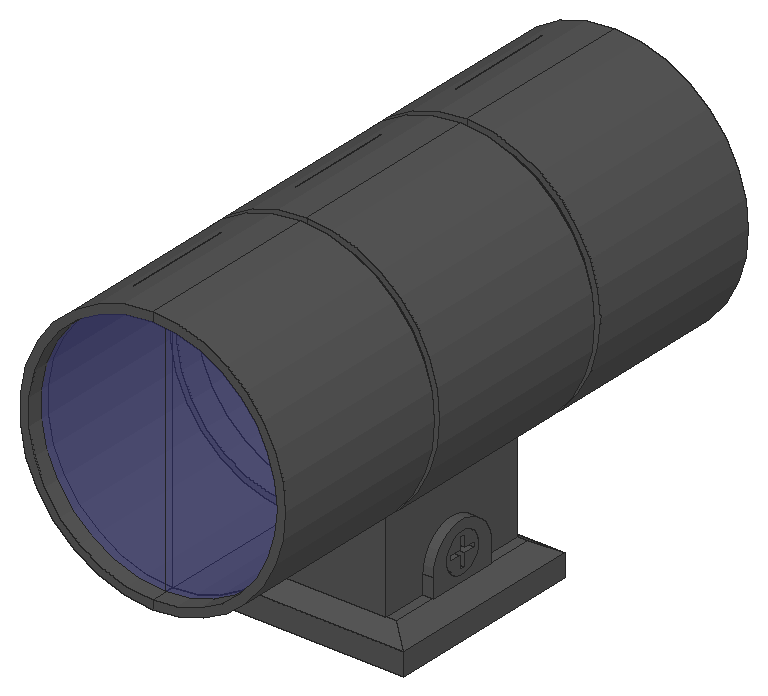
Revit family "CARLO CYLINDER LIGHT WALL MOUNT", category Lighting Fixtures, host Face, Revit 2020 (continued)
Types (10): name | Wattage_Input | Wattage Comments | Wattage | Photometric Web File | built-in parameter 1150142 | Model | built-in parameter 1150105 | Lumens | Light Length 1 | LIGHT RADIUS | LIGHT PLACEMENT | LIGHT LENGTH | LIGHT DIA | built-in parameter 1150106 | FIXED END HEIGHT | Curve base Height | Base Curve | BEAMING ANGLE | Apparent Load
     498.5 495.8 492.8 489.59 486.1 482.43 478.71 \r\n 474.77 471.35 465.82 455.87 441.32 420.52 395.54 367.45 337.66 308.14 \r\n 278.23 247.7 217.22 187.37 158.25 129.08 103.08 84.158 69.512 57.296 \r\n 48.53 44.594 42.564 39.647 36.82 34.187 31.574 28.747 25.984 23.435 \r\n 21.252 19.776 18.587 17.331 16.15 15.084 14.092 13.147 12.244 11.364 \r\n 10.516 9.6998 8.9154 8.1532 7.4374 6.7972 6.2086 5.6519 5.1426 4.6898 \r\n 4.2922 3.9597 3.6675 3.3897 3.1393 2.9219 2.7327 2.572 2.4296 2.2933 \r\n 2.1696 2.0645 1.9679 1.8691 1.7765 1.6969 1.624 1.5535 1.4861 1.4214 \r\n 1.3586 1.2963 1.2364 1.1812 1.1284 1.0771 1.0256 0.97006 0.91626 0.87048 \r\n 0.82722 0.78306 0.73794 0.6888 0.64122 0.60109 0.56442 0.52882 0.4954 0.46485 \r\n 0.43607 0.40852 0.38118 0.35434 0.32702 0.29712 0.26816 0.24427 0.22145 0.19551 \r\n 0.17115 0.15478 0.13708 0.10892 0.076151 0.037228 0.0052719 0 0.000085 0 \r\n 0 0 0 0.0052154 0.01978 0.053807 0.094572 0.13162 0.16826 0.20405 \r\n 0.23983 0.27676 0.31345 0.3485 0.3831 0.41853 0.45312 0.48465 0.51603 0.55218 \r\n 0.58945 0.62443 0.66124 0.70481 0.7493 0.78866 0.82848 0.87276 0.92022 0.97194 \r\n 1.0249 1.0754 1.1262 1.1794 1.2336 1.2883 1.3441 1.4014 1.4596 1.5183 \r\n 1.5771 1.6341 1.6934 1.7604 1.8305 1.8994 1.9724 2.0546 2.1426 2.2334 \r\n 2.3304 2.4345 2.5496 2.6806 2.8252 2.9809 3.1536 3.346 3.5656 3.8196 \r\n 4.112 4.4501 4.8316 5.2502 5.7256 6.28 6.9008 7.5837 8.3264 9.1328 \r\n 9.9798 10.842 11.731 12.652 13.608 14.614 15.648 16.691 17.743 18.77 \r\n 19.846 21.081 22.33 23.33 24.543 26.345 28.728 32.05 35.591 37.94 \r\n 41.535 47.644 58.363 77.853 101.19 123.9 148.77 177.84 208.82 240.11 \r\n 271.65 303.15 333.71 362.48 389.14 413.59 434.23 448.84 459.12 465.43 \r\n 469.58 473.68 477.27 480.62 483.63 486.12 488.49 491.11 493.83 496.63 \r\n 499.53 502.57 505.65 508.71 511.73 514.61 517.6 521 524.51 527.83 \r\n 531.21 534.73 538.54 542.77 547.59 553.14 559.65 567.32 576.47 587.4 \r\n 600.38 615.69 633.68 654.41 679.04 708.56 743.55 783 832.71 901.23 \r\n 979.42 1060.4 1146 1231.6 1329.2 1450.5 1591.3 1752.7 1930.4 2122.5 \r\n 2323.2 2525.4 2731.1 2940 3151.9 3367.9 3583.6 3796.7 4002.4 4195.6 \r\n 4376 4541.1 4692.5 4831.2 4956.6 5069.3 5167.2 5246.7 5313 5370.9 \r\n 5509.6 \r\n5444.5 5451.5 5428.5 5395.9 5353.8 5303.5 5241.7 5165.5 5074.5 4965.5 \r\n 4844 4715.8 4577.9 4429.2 4270.6 4102.5 3924.5 3734.6 3538.2 3339.9 \r\n 3139.9 2940 2740 2539.1 2341.8 2152.1 1970.9 1799.9 1640.3 1493.9 \r\n 1361.2 1242.9 1140.2 1057.9 985.18 909.06 840.66 789.23 747.31 710.25 \r\n 678.77 652.18 629.99 611.78 596.69 583.76 572.86 563.59 555.74 549.03 \r\n 543.32 538.53 534.27 530.05 526.17 522.87 519.79 516.59 513.38 510.15 \r\n 506.95 503.83 500.87 498.34 495.81 492.87 489.73 486.46 483.03 479.46 \r\n 475.69 472.37 467.42 459.4 446.93 427.23 403 375.6 346.28 316.99 \r\n 287.08 256.24 225.45 195.75 166.65 136.71 109.94 91.382 76.616 61.739 \r\n 50.242 45.833 43.959 40.852 37.866 35.179 32.553 29.75 26.955 24.158 \r\n 21.709 20.126 18.893 17.627 16.447 15.343 14.315 13.367 12.469 11.589 \r\n 10.734 9.8981 9.0959 8.339 7.627 6.9634 6.3486 5.7839 5.2697 4.8056 \r\n 4.3943 4.0456 3.7378 3.4486 3.1894 2.9664 2.7732 2.6082 2.4627 2.326 \r\n 2.2023 2.095 1.9958 1.8952 1.801 1.7197 1.6457 1.5755 1.509 1.4453 \r\n 1.3834 1.3206 1.2603 1.2063 1.1543 1.101 1.0476 0.99294 0.94033 0.89407 \r\n 0.84993 0.80487 0.75962 0.71285 0.66776 0.62809 0.59088 0.55388 0.51863 0.48624 \r\n 0.45576 0.42715 0.39887 0.37233 0.34567 0.3166 0.28787 0.2622 0.23736 0.21061 \r\n 0.18612 0.17024 0.15367 0.12867 0.096887 0.050584 0.010128 0 0.00012592 0 \r\n 0 0 0 0.012195 0.032639 0.062772 0.098637 0.13731 0.17714 0.21473 \r\n 0.25239 0.29224 0.33141 0.36676 0.40109 0.43687 0.47194 0.50395 0.53589 0.57211 \r\n 0.60892 0.64263 0.67756 0.71831 0.76039 0.79938 0.83971 0.88499 0.9333 0.98473 \r\n 1.0368 1.0857 1.1352 1.1884 1.2433 1.2984 1.3547 1.413 1.4722 1.5314 \r\n 1.5906 1.6479 1.708 1.7772 1.8495 1.9186 1.9922 2.0779 2.1699 2.2631 \r\n 2.3624 2.4693 2.5881 2.7238 2.8747 3.0393 3.2208 3.4193 3.6434 3.8977 \r\n 4.1936 4.5464 4.9475 5.387 5.8829 6.4532 7.0888 7.7887 8.5473 9.3652 \r\n 10.222 11.093 11.994 12.933 13.908 14.926 15.966 17.008 18.059 19.104 \r\n 20.192 21.407 22.629 23.611 24.83 26.676 29.162 32.682 36.481 38.881 \r\n 43.042 51.374 64.453 84.766 108.99 134.32 161.69 191.51 222.56 253.78 \r\n 285.06 316.35 346.48 374.35 399.69 422.38 440.88 452.7 460.58 466.14 \r\n 470.18 474.2 477.76 480.89 483.72 486.34 488.91 491.58 494.39 497.44 \r\n 500.61 503.84 507.06 510.19 513.23 516.08 519.02 522.42 525.97 529.45 \r\n 532.99 536.53 540.39 544.88 549.98 555.69 562.36 570.21 579.67 591.17 \r\n 604.85 620.83 639.54 661.04 686.54 717.06 753.3 795.13 846.14 911.33 \r\n 986.38 1068.5 1158.1 1252.3 1358.4 1482.5 1624.9 1789.2 1970.3 2167.1 \r\n 2372 2576 2781.9 2989.5 3199.4 3414.4 3628.8 3838.9 4041.6 4233.4 \r\n 4412.5 4574.9 4723.2 4859.2 4981.9 5091.9 5186.8 5262.4 5324.8 5379.3 \r\n 5509.6 \r\n5444.5 5450.1 5430.2 5400.3 5361.2 5315.1 5257.8 5185.6 5098.9 4995 \r\n 4878.7 4754.1 4619.5 4474.5 4319.7 4155.9 3981.8 3794.6 3599.9 3402.3 \r\n 3202.4 3002.6 2803 2603.4 2406.8 2215.1 2030.6 1855.5 1691.4 1541 \r\n 1404.3 1281.9 1175.5 1091.3 1016.2 934.22 859.83 805.26 761.16 721.96 \r\n 688.64 660.49 636.95 617.49 601.33 587.57 576 566.19 557.89 550.74 \r\n 544.64 539.47 534.87 530.33 526.14 522.52 519.19 515.94 512.76 509.55 \r\n 506.41 503.39 500.56 498.18 495.79 492.9 489.83 486.77 483.57 480.15 \r\n 476.54 473.21 468.68 462.47 452.06 433.75 410.65 384.2 355.58 326.61 \r\n 296.76 265.66 234.62 205.16 176.23 145.7 118.24 99.658 84.361 66.829 \r\n 52.63 47.442 45.412 42.068 38.949 36.182 33.529 30.768 27.976 24.983 \r\n 22.305 20.589 19.272 17.977 16.784 15.64 14.575 13.62 12.722 11.837 \r\n 10.974 10.12 9.3017 8.5483 7.8379 7.151 6.51 5.9352 5.4136 4.9379 \r\n 4.5122 4.144 3.8173 3.5164 3.2489 3.0196 2.8214 2.6511 2.5015 2.3634 \r\n 2.2387 2.1283 2.0258 1.9232 1.8273 1.7441 1.6687 1.5984 1.5324 1.4694 \r\n 1.4079 1.3448 1.2841 1.231 1.1795 1.1244 1.0691 1.0154 0.96393 0.91721 \r\n 0.87219 0.82612 0.78067 0.73636 0.69392 0.65491 0.61736 0.5792 0.54228 0.50798 \r\n 0.47568 0.44594 0.41665 0.39029 0.36423 0.33606 0.30766 0.28022 0.25337 0.22601 \r\n 0.20145 0.18554 0.16945 0.14697 0.11608 0.064157 0.016821 0.0022962 0.00015856 0 \r\n 0 0 0.000000 0.020224 0.047519 0.073493 0.10409 0.14496 0.18858 0.22783 \r\n 0.26713 0.31019 0.35206 0.38738 0.42105 0.45717 0.4927 0.52488 0.55705 0.59317 \r\n 0.62943 0.66186 0.69498 0.7331 0.773 0.81181 0.85278 0.89907 0.94807 0.99873 \r\n 1.0495 1.0973 1.1459 1.1991 1.2542 1.3095 1.3662 1.4254 1.4855 1.5453 \r\n 1.6051 1.663 1.7242 1.7956 1.8701 1.9396 2.0138 2.1028 2.1986 2.2944 \r\n 2.3962 2.5062 2.6288 2.7695 2.9266 3.0998 3.2903 3.4963 3.7264 3.9824 \r\n 4.2824 4.6496 5.0697 5.5308 6.0483 6.6355 7.287 8.0044 8.7791 9.6091 \r\n 10.477 11.358 12.271 13.23 14.223 15.252 16.299 17.34 18.393 19.464 \r\n 20.571 21.761 22.957 23.937 25.185 27.096 29.702 33.376 37.488 40.366 \r\n 45.509 56.087 71.428 92.507 117.55 145.42 175.21 205.71 236.75 267.86 \r\n 298.82 329.76 359.28 386.12 410.02 430.72 446.93 456.09 461.75 466.69 \r\n 470.71 474.66 478.19 481.12 483.8 486.55 489.3 492.05 494.94 498.23 \r\n 501.64 505.04 508.37 511.56 514.63 517.46 520.38 523.75 527.32 530.93 \r\n 534.62 538.22 542.17 546.92 552.33 558.24 565.12 573.23 583.06 595.18 \r\n 609.59 626.31 645.83 668.23 694.78 726.39 764.13 809.09 862.17 924.45 \r\n 996.46 1079.2 1172.4 1275.1 1389.9 1517.3 1661.5 1828.9 2013.6 2214.7 \r\n 2423.3 2629.1 2835.6 3042 3250.2 3464.2 3677.1 3884.2 4083.8 4273.8 \r\n 4451.1 4610.7 4756 4888.9 5008.6 5115.6 5207.2 5278.6 5336.8 5387.8 \r\n 5509.6 \r\n5444.5 5449.8 5433.9 5407.6 5372.2 5330.2 5277.3 5209.9 5128.5 5031.2 \r\n 4921.1 4800.8 4669.9 4528.5 4377.3 4217.9 4048.4 3865.6 3674.6 3478.6 \r\n 3279.4 3079.6 2880 2681.5 2485.4 2292.4 2105 1925 1755.4 1599.9 \r\n 1458.3 1330.6 1218.8 1129.5 1049.4 962.49 883.58 825.35 778.25 736.73 \r\n 701.47 671.41 646.15 625.18 607.7 592.83 580.32 569.76 560.84 553.11 \r\n 546.5 540.89 535.91 531.1 526.68 522.8 519.26 515.95 512.77 509.55 \r\n 506.42 503.45 500.69 498.32 495.93 493.07 490.06 487.13 484.09 480.85 \r\n 477.42 474.07 469.89 465.07 456.56 440.49 419.52 394.59 367.03 338.56 \r\n 308.87 277.74 246.56 217.08 188.02 157.16 129.04 109.25 92.331 72.625 \r\n 56.279 49.51 46.452 43.014 40.101 37.231 34.478 31.781 29.063 26.04 \r\n 23.266 21.353 19.836 18.448 17.204 16.023 14.934 13.953 13.036 12.138 \r\n 11.266 10.402 9.5746 8.8114 8.0893 7.3862 6.7269 6.1326 5.5919 5.1009 \r\n 4.6585 4.2635 3.9119 3.6 3.3258 3.0874 2.8804 2.7022 2.5458 2.4028 \r\n 2.2737 2.1577 2.0503 1.945 1.8471 1.7611 1.6832 1.6118 1.5451 1.4813 \r\n 1.4191 1.3555 1.2945 1.2412 1.1895 1.1332 1.0771 1.0235 0.97254 0.92619 \r\n 0.8813 0.83434 0.78851 0.74628 0.70632 0.66853 0.63166 0.5938 0.5568 0.52203 \r\n 0.48903 0.4584 0.42837 0.40184 0.37596 0.34862 0.32067 0.29176 0.2633 0.23597 \r\n 0.21158 0.19461 0.17781 0.15681 0.12742 0.075492 0.026543 0.0069669 0 0 \r\n 0 0.000046 0.0073826 0.033878 0.065704 0.088555 0.11573 0.16033 0.20864 0.24842 \r\n 0.28833 0.33611 0.38219 0.41648 0.44828 0.48549 0.52217 0.55317 0.58404 0.62031 \r\n 0.65689 0.68877 0.72121 0.75915 0.79852 0.83742 0.87874 0.92598 0.97546 1.0244 \r\n 1.0736 1.1224 1.1722 1.2247 1.2789 1.3339 1.3907 1.4502 1.511 1.5714 \r\n 1.632 1.6911 1.7538 1.8273 1.9037 1.9738 2.0487 2.1396 2.2376 2.3357 \r\n 2.4399 2.5525 2.678 2.8221 2.9834 3.1616 3.3585 3.5743 3.8139 4.0739 \r\n 4.3787 4.7568 5.1912 5.6694 6.2055 6.8121 7.4816 8.2121 8.9986 9.8413 \r\n 10.722 11.618 12.546 13.521 14.53 15.571 16.626 17.662 18.721 19.842 \r\n 20.99 22.143 23.3 24.304 25.604 27.603 30.285 33.743 38.062 42.518 \r\n 49.631 61.863 78.661 100.71 126.76 156.44 187.84 218.77 249.78 280.85 \r\n 311.57 341.94 370.64 396.53 419.06 437.46 451.23 458.44 462.7 467.28 \r\n 471.35 475.23 478.72 481.57 484.21 487.06 489.96 492.84 495.87 499.29 \r\n 502.82 506.28 509.65 512.85 515.91 518.76 521.67 524.99 528.5 532.09 \r\n 535.8 539.49 543.58 548.48 554.07 560.24 567.44 575.9 586.13 598.76 \r\n 613.75 631.06 651.31 674.7 702.41 734.95 774.46 824.14 881.36 943.36 \r\n 1013.8 1094.8 1187.9 1295.6 1416.1 1546.7 1693.2 1862.9 2049.7 2252.6 \r\n 2462.8 2670.2 2877.8 3084.5 3292.5 3506.1 3718.2 3923.7 4121.2 4308.7 \r\n 4483.3 4640.9 4784.3 4915 5032 5135.9 5224 5291.8 5346.4 5394.3 \r\n 5509.6 \r\n5444.5 5450.9 5439.8 5418 5387 5348.8 5300 5238.2 5163.2 5073.6 \r\n 4970.8 4855.6 4728.8 4590.8 4443.2 4288.4 4123.9 3947.3 3761.6 3568.3 \r\n 3370.4 3170.5 2970.3 2772.6 2576.9 2383.1 2193.2 2007.7 1831.4 1670.1 \r\n 1522.3 1388.1 1269.4 1171.9 1084.4 993.64 911.83 849.52 798.59 754.48 \r\n 717.08 684.78 657.45 634.72 615.7 599.45 585.77 574.25 564.53 556.1 \r\n 548.89 542.76 537.39 532.38 527.83 523.75 520.04 516.65 513.44 510.18 \r\n 507.03 504.07 501.28 498.78 496.28 493.41 490.45 487.56 484.63 481.57 \r\n 478.35 475.01 471.12 467.25 460.41 447.34 429.47 406.59 380.45 352.71 \r\n 323.33 292.42 261.23 231.41 201.88 170.93 142.18 120.04 100.46 79.127 \r\n 61.252 52.149 47.212 43.758 41.32 38.318 35.402 32.779 30.192 27.304 \r\n 24.569 22.404 20.582 19.038 17.702 16.488 15.387 14.367 13.41 12.491 \r\n 11.607 10.743 9.913 9.1267 8.3794 7.6675 6.9979 6.375 5.8033 5.2936 \r\n 4.832 4.4039 4.022 3.6997 3.42 3.1696 2.95 2.7612 2.5951 2.4437 \r\n 2.3069 2.1831 2.0692 1.9606 1.8603 1.7706 1.6893 1.6156 1.5471 1.481 \r\n 1.4169 1.3527 1.2914 1.2369 1.184 1.1276 1.0714 1.0173 0.96611 0.92095 \r\n 0.8772 0.82956 0.78321 0.74255 0.70471 0.66861 0.63338 0.5973 0.56185 0.52804 \r\n 0.49549 0.46443 0.43398 0.40695 0.38083 0.35417 0.32671 0.29671 0.26713 0.2404 \r\n 0.21642 0.19741 0.17877 0.15825 0.13097 0.084595 0.039285 0.013912 0 0 \r\n 0 0.008331 0.024426 0.054041 0.086532 0.10768 0.13396 0.1836 0.23718 0.27649 \r\n 0.31605 0.36971 0.42116 0.45351 0.48237 0.52129 0.55965 0.58821 0.61639 0.65299 \r\n 0.69061 0.72269 0.75548 0.79477 0.83584 0.87549 0.9173 0.96536 1.015 1.0615 \r\n 1.1088 1.1606 1.2135 1.2649 1.3171 1.3714 1.4279 1.4873 1.5483 1.6093 \r\n 1.6709 1.7318 1.7964 1.8717 1.9496 2.0208 2.0966 2.1878 2.2864 2.3865 \r\n 2.4931 2.6077 2.7353 2.8815 3.045 3.2245 3.4254 3.6531 3.9054 4.1723 \r\n 4.483 4.8688 5.3127 5.8033 6.3549 6.983 7.6725 8.4121 9.2061 10.062 \r\n 10.959 11.873 12.819 13.807 14.827 15.88 16.944 17.975 19.042 20.236 \r\n 21.444 22.55 23.662 24.72 26.105 28.215 30.946 33.878 38.347 45.454 \r\n 55.479 68.761 86.214 109.46 136.72 167.38 199.5 230.61 261.58 292.69 \r\n 323.2 352.8 380.47 405.45 426.66 442.52 453.81 459.83 463.53 468 \r\n 472.15 475.96 479.39 482.29 485.02 487.93 490.91 493.98 497.18 500.63 \r\n 504.15 507.57 510.9 514.06 517.11 519.99 522.93 526.15 529.53 532.96 \r\n 536.57 540.41 544.69 549.59 555.24 561.74 569.37 578.25 588.93 601.96 \r\n 617.38 635.16 656.06 680.51 709.49 742.83 784.36 840.09 903.36 967.9 \r\n 1038.4 1115.8 1205.3 1314.1 1437.3 1570.8 1720.1 1891.3 2078.6 2280.9 \r\n 2490.6 2699 2908.2 3116.7 3326.3 3540.1 3751.9 3957.3 4153.8 4337.9 \r\n 4509 4665.5 4808 4937 5051.9 5152.5 5237.2 5301.8 5353.5 5398.8 \r\n 5509.6 \r\n5444.5 5452.3 5446.1 5429.2 5402.5 5367.9 5323.2 5266.8 5198.2 5116.3 \r\n 5021 4911.2 4788.6 4654.1 4509.9 4359.3 4199.8 4029.5 3849.6 3659.3 \r\n 3462.8 3262.9 3062.3 2865.1 2669.6 2475 2282.8 2092 1909.4 1742.3 \r\n 1588.4 1447.6 1321.6 1215 1119.6 1025.8 942.01 875.64 820.58 773.44 \r\n 733.46 698.77 669.32 644.77 624.17 606.49 591.56 579.03 568.45 559.29 \r\n 551.45 544.78 539.01 533.81 529.15 524.89 521.02 517.55 514.28 510.99 \r\n 507.81 504.83 501.99 499.34 496.68 493.8 490.88 488.02 485.15 482.27 \r\n 479.23 475.9 472.23 469.06 463.69 453.68 439.11 418.53 394.05 367.22 \r\n 338.31 307.77 276.68 246.52 216.52 185.55 156.2 131.47 109.04 86.282 \r\n 67.088 55.501 48.424 44.716 42.561 39.39 36.324 33.759 31.303 28.59 \r\n 25.938 23.528 21.393 19.672 18.225 16.979 15.871 14.807 13.806 12.863 \r\n 11.967 11.104 10.272 9.4597 8.6849 7.965 7.2862 6.633 6.0283 5.4994 \r\n 5.0183 4.5562 4.143 3.8093 3.523 3.2596 3.0265 2.8259 2.6491 2.4881 \r\n 2.3427 2.2107 2.0902 1.978 1.8751 1.7817 1.6967 1.6203 1.5493 1.4806 \r\n 1.4145 1.3497 1.2881 1.232 1.1777 1.1213 1.0654 1.0106 0.95909 0.91506 \r\n 0.87245 0.82426 0.77746 0.73805 0.702 0.66745 0.63387 0.59983 0.56626 0.53372 \r\n 0.50185 0.47041 0.43955 0.41194 0.38546 0.35935 0.33233 0.3014 0.27091 0.2449 \r\n 0.22129 0.19993 0.17905 0.15843 0.13317 0.094001 0.053834 0.021959 0 0 \r\n 0 0.017648 0.043308 0.075102 0.10741 0.12804 0.15479 0.2094 0.26787 0.30692 \r\n 0.34618 0.40494 0.46092 0.49123 0.51716 0.55736 0.59697 0.62305 0.64857 0.68532 \r\n 0.72384 0.7563 0.7896 0.83091 0.8743 0.9147 0.95677 1.0053 1.0548 1.0986 \r\n 1.144 1.1988 1.255 1.3053 1.3554 1.4091 1.4652 1.5244 1.5855 1.6471 \r\n 1.71 1.7727 1.8393 1.9161 1.9953 2.0679 2.1448 2.2361 2.3353 2.4376 \r\n 2.5469 2.664 2.794 2.9425 3.1084 3.2893 3.4943 3.7345 4.0009 4.2774 \r\n 4.5963 4.9896 5.4424 5.9461 6.514 7.1637 7.8735 8.6231 9.4255 10.296 \r\n 11.209 12.141 13.105 14.104 15.134 16.197 17.271 18.301 19.381 20.644 \r\n 21.911 22.979 24.063 25.21 26.724 28.972 31.81 34.358 39.186 49.287 \r\n 62.507 76.822 94.835 119.31 147.73 179.08 211.57 242.76 273.62 304.7 \r\n 334.92 363.58 390.03 413.88 433.61 446.91 455.83 460.97 464.41 468.82 \r\n 473.04 476.76 480.12 483.08 485.92 488.87 491.92 495.18 498.55 501.99 \r\n 505.44 508.8 512.07 515.2 518.24 521.19 524.16 527.31 530.56 533.82 \r\n 537.35 541.37 545.88 550.8 556.52 563.39 571.5 580.88 592.07 605.53 \r\n 621.43 639.75 661.41 687.06 717.46 751.77 795.5 857.36 926.91 994.92 \r\n 1066.5 1140.5 1226.5 1335.8 1461.2 1597.8 1750.2 1923.1 2111.1 2312.2 \r\n 2520.7 2730 2940.7 3151.4 3362.8 3576.8 3788.1 3993.3 4188.8 4369.1 \r\n 4536.4 4691.5 4833 4960.2 5072.5 5169.5 5250.4 5311.7 5360.4 5403.1 \r\n 5509.6 \r\n5444.5 5453.9 5452.7 5440.5 5418.2 5387 5345.9 5294.7 5232.2 5157.8 \r\n 5069.8 4965.6 4847.6 4716.5 4575.4 4428.8 4273.9 4109.8 3935.6 3748.3 \r\n 3553.3 3353.7 3152.9 2955.9 2760.3 2564.8 2370.4 2174.9 1986.5 1813.9 \r\n 1654.2 1506.7 1373.4 1257.5 1154.2 1058.2 973.47 903.25 843.88 793.14 \r\n 750.02 712.83 681.31 654.94 632.75 613.64 597.47 583.91 572.47 562.55 \r\n 554.09 546.89 540.72 535.33 530.57 526.13 522.11 518.55 515.22 511.89 \r\n 508.68 505.68 502.78 499.95 497.14 494.25 491.35 488.5 485.67 482.95 \r\n 480.08 476.73 473.24 470.54 466.4 459.31 448 429.88 407.31 381.57 \r\n 353.31 323.3 2
